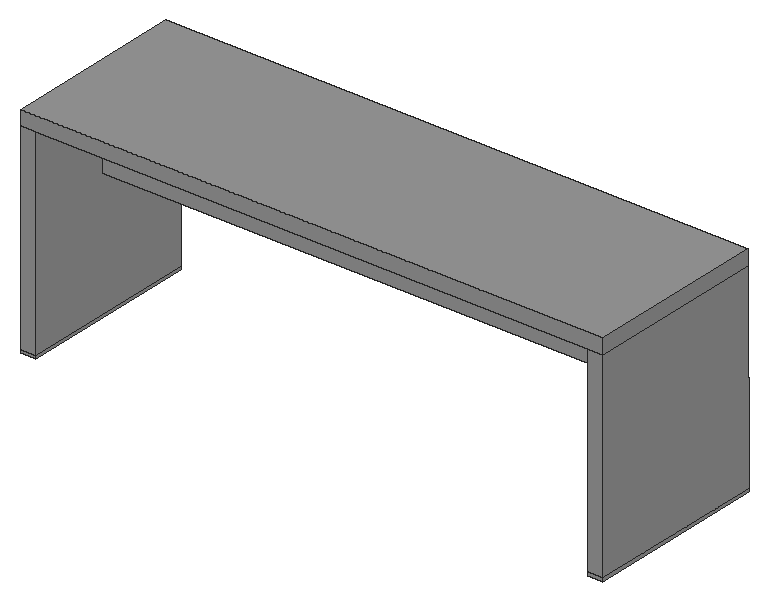
Revit family "Cocoon Community Table 30x96x36", category Generic Models, Revit 2018
Family settings
  Can host rebar = No
  Round Connector Dimension = Use Diameter
  Part Type = Normal
  Work Plane-Based = No
  Always vertical = Yes
  Cut with Voids When Loaded = No
  Shared = No
  Room Calculation Point = No
Parameters
  Frame = Cocoon Community Table 30x96x36 Frame
  Surface = Cocoon Community Table 30x96x36 Surface
Reference planes (in)
  plane 1 "Center (Front/Back)": y = 0
  plane 2: z = 0
  plane 3 "Center (Left/Right)": x = 0
Forms (in)
  Extrusion 1, solid, material "Cocoon Community Table 30x96x36 Frame" <- "Frame"
    sketch origin (0, 0, 0) x (1, 0, 0) y (0, 0, 1)
      loop
        line (-48, 0.5) -> (-48, 0) -> (-45.5, 0) -> (-45.5, 0.5) -> (-48, 0.5)
      loop
        line (48, 0.5) -> (45.5, 0.5) -> (45.5, 0) -> (48, 0) -> (48, 0.5)
    from -15 to 15
  Extrusion 2, solid, material "Cocoon Community Table 30x96x36 Surface" <- "Surface"
    sketch origin (0, 0, 7) x (1, 0, 0) y (0, 0, 1)
      loop
        line (-48, 29) -> (-48, 26.5) -> (48, 26.5) -> (48, 29) -> (-48, 29)
    from -15 to 15
  Extrusion 3, solid, material "Cocoon Community Table 30x96x36 Frame" <- "Frame"
    sketch origin (0, 0, 0) x (1, 0, 0) y (0, 0, 1)
      loop
        line (-48, 33.5) -> (-48, 0.5) -> (-45.5, 0.5) -> (-45.5, 33.5) -> (-48, 33.5)
      loop
        line (45.5, 33.5) -> (45.5, 0.5) -> (48, 0.5) -> (48, 33.5) -> (45.5, 33.5)
    from -15 to 15
  Extrusion 4, solid, material "Cocoon Community Table 30x96x36 Frame" <- "Frame"
    sketch origin (0, 0, -6) x (0, 1, 0) y (0, 0, 1)
      loop
        line (1.25, 39.5) -> (-1.25, 39.5) -> (-1.25, 27.5) -> (1.25, 27.5) -> (1.25, 39.5)
    from -45.5 to 45.5
Dimensions and locks (in)
  aligned and locked: level to plane 2
